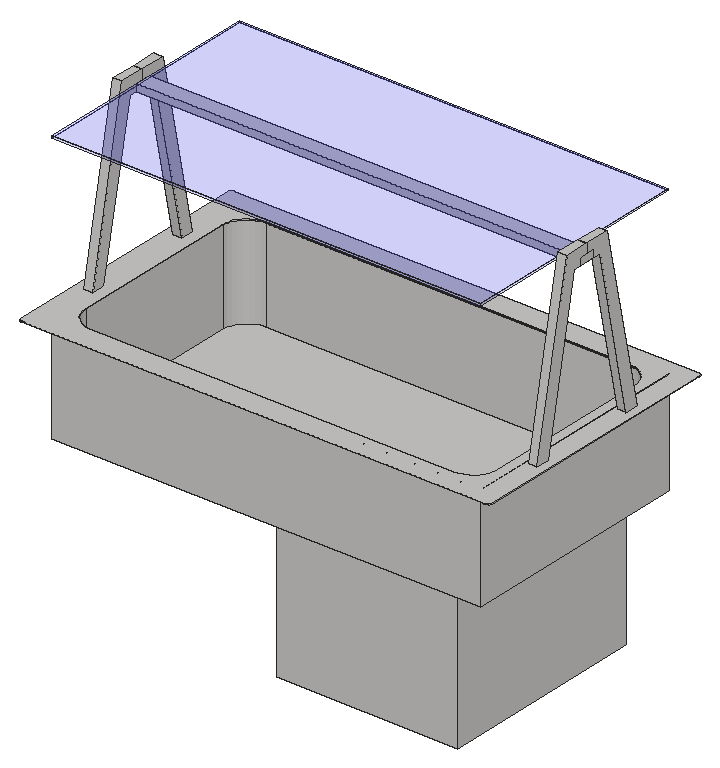
Revit family "QF_ZANUSSI_341178_D10C3O", category Attrezzature speciali, Revit 2020
Family settings
  Quota connettore circolare = Usa diametro
  Tipo di parte = Normale
  Basato su piano di lavoro = No
  Sempre verticale = Sì
  Taglio con vuoti quando caricato = No
  Condiviso = No
  Punto di calcolo locali = No
Parameters (values of type "Standard")
  Weight = 67.68 kg
  Watts = 0 W
  Volts = 220 V
  URL Manufacturer = "http://www.zanussiprofessional.com"
  URL = "http://www.zanussiprofessional.com"
  Steam Supply Size = 0 mm
  Steam Supply Minimum Pressure = 0.0 Pa
  Steam Supply Maximum Pressure = 0.0 Pa
  Steam Consumption per Hour = 0
  Refrigeration Suction Line Size = 0 mm
  Refrigeration Liquid Line Size = 0 mm
  Refrigerant Compressor Remote = yes
  Prospetto di default = 0 mm
  Produttore = "Zanussi"
  Phase = 1
  Modello = "D10C3O"
  Length Actual = 1100 mm  # constant formula
  Item Number = "341178"
  Hot Water Size = 0 mm
  Height Actual = 999 mm  # constant formula
  HP = "0 HP"
  Gas Size = 0 mm
  Gas KW = 0
  Gas Input Pressure = 0 W
  Direct Waste Size = 0 mm
  Descrizione = "DROP-IN REFRIGERATED WELL, STATIC, 3GN WITH A TYPE OVERSHELF AND LED LIGHT"
  Depth Actual = 620 mm  # constant formula
  Cycle = 50 Hz
  Condensate Return Size = 0 mm
  Compressed Air Volume = 0.0 L/s
  Compressed Air Size = 0 mm
  Compressed Air Pressure = 0.0 Pa
  Cold Water Size = 0 mm
  Accessory = yes
Reference planes
  plane 1 "BACK": y = 0
  plane 2: z = 5.426
  plane 3 "LEFT": x = 0
  plane 4: y = -620
  plane 5: z = 409.426
  plane 6: y = -310
  plane 7: x = 550
Forms (mm)
  Extrusion 1, solid, material "QF_Finishes_Stainless Steel"
    sketch origin (0, 0, 5.426) x (1, 0, 0) y (0, 1, 0)
      loop
        arc (10, 0) -> (2.929, -2.929) -> (0, -10) r 10
        line (0, -10) -> (0, -610)
        arc (0, -610) -> (2.929, -617.071) -> (10, -620) r 10
        line (10, -620) -> (1090, -620)
        arc (1090, -620) -> (1097.071, -617.071) -> (1100, -610) r 10
        line (1100, -610) -> (1100, -10)
        arc (1100, -10) -> (1097.071, -2.929) -> (1090, 0) r 10
        line (1090, 0) -> (10, 0)
    from 0 to 1
  Extrusion 2, solid, material "QF_Finishes_Stainless Steel"
    sketch origin (0, 0, 12.548) x (1, 0, 0) y (0, 1, 0)
      loop
        line (50, -35) -> (50, -585) -> (1050, -585) -> (1050, -35) -> (50, -35)
    from -251.122 to -7.122
  Extrusion 3, void
    sketch origin (0, 0, -2.817) x (1, 0, 0) y (0, 1, 0)
      loop
        arc (125, -55) -> (86.109, -71.109) -> (70, -110) r 55
        line (70, -110) -> (70, -510)
        arc (70, -510) -> (86.109, -548.891) -> (125, -565) r 55
        line (125, -565) -> (975, -565)
        arc (975, -565) -> (1013.891, -548.891) -> (1030, -510) r 55
        line (1030, -510) -> (1030, -110)
        arc (1030, -110) -> (1013.891, -71.109) -> (975, -55) r 55
        line (975, -55) -> (125, -55)
    from -209.107 to 9.244
  Extrusion 4, solid, material "QF_Finishes_Stainless Steel"
    sketch origin (21.5, -620, 0) x (0, -1, 0) y (0, 0, -1)
      loop
        line (-310, -409.426) -> (-250.873, -409.426) -> (-165, -5.426) -> (-195, -5.426) -> (-272.583, -370.426) -> (-310, -370.426) -> (-310, -409.426)
    from 0 to 20
  Extrusion 5, solid, material "QF_Finishes_Stainless Steel"
    sketch origin (21.5, 0, 0) x (0, 1, 0) y (0, 0, 1)
      loop
        line (-310, 409.426) -> (-310, 370.426) -> (-272.583, 370.426) -> (-195, 5.426) -> (-165, 5.426) -> (-250.873, 409.426) -> (-310, 409.426)
    from 0 to 20
  Extrusion 6, solid, material "QF_Finishes_Stainless Steel"
    sketch origin (1078, -620, 0) x (0, -1, 0) y (0, 0, 1)
      loop
        line (-310, 409.426) -> (-310, 370.426) -> (-272.583, 370.426) -> (-195, 5.426) -> (-165, 5.426) -> (-250.873, 409.426) -> (-310, 409.426)
    from 0 to 20
  Extrusion 7, solid, material "QF_Finishes_Stainless Steel"
    sketch origin (1078, 0, 0) x (0, 1, 0) y (0, 0, -1)
      loop
        line (-310, -409.426) -> (-250.873, -409.426) -> (-165, -5.426) -> (-195, -5.426) -> (-272.583, -370.426) -> (-310, -370.426) -> (-310, -409.426)
    from 0 to 20
  Extrusion 8, solid, material "QF_Finishes_Stainless Steel"
    sketch origin (0, 0, 0) x (0, 1, 0) y (0, 0, 1)
      loop
        line (-291.292, 370.426) -> (-291.292, 387.956) -> (-328.917, 387.956) -> (-328.917, 370.426) -> (-291.292, 370.426)
    from 21.5 to 1078
  Extrusion 9, solid, material "Vetro"
    sketch origin (0, 0, 5.426) x (1, 0, 0) y (0, 1, 0)
      loop
        line (50, -35) -> (50, -585) -> (1050, -585) -> (1050, -35) -> (50, -35)
    from 382.529 to 387.529
  Extrusion 10, solid, material "QF_Finishes_Stainless Steel"
    sketch origin (443.657, -629.667, -643.387) x (0, 0, -1) y (0, -1, 0)
      loop
        circle (-372.814, -140.692) r 12.7
    from 5 to 70.307
  Extrusion 11, solid, material "QF_Finishes_Stainless Steel"
    sketch origin (160, -7, 5.426) x (1, 0, 0) y (0, 1, 0)
      loop
        circle (226.025, -481.971) r 12.675
    from -276 to -244
  Extrusion 12, solid, material "QF_Finishes_Stainless Steel"
    sketch origin (1222.74, 95, -304.649) x (0, 1, 0) y (0, 0, -1)
      loop
        line (-161.185, -66.076) -> (-161.185, 268.924) -> (-651.185, 268.924) -> (-651.185, -66.076) -> (-161.185, -66.076)
    from 247.74 to 670.28
Cuts and joins
  Extrusion 3 cuts Extrusion 1
  Extrusion 3 cuts Extrusion 2
Dimensions and locks
  equal spacing: Extrusion 1, Extrusion 2 sketch curve, Extrusion 2 sketch curve, Extrusion 1  (x2)
  Extrusion 1 to Extrusion 1 = 1100 mm
  Extrusion 1 to plane 1 "BACK" = 620 mm
  equal spacing: Extrusion 2, Extrusion 3 sketch curve, Extrusion 3 sketch curve, Extrusion 2  (x2)
  plane 5 to plane 2 = 404 mm
  equal spacing: plane 3 "LEFT", plane 7, cut or joined group of Extrusion 1, Extrusion 3
  aligned and locked: level to plane 2
Automatic sketch dimensions
  Extrusion 1 sketch curve to plane 3 "LEFT" = 0 mm
  plane 4 to Extrusion 1 sketch curve = 0 mm
  plane 1 "BACK" to Extrusion 1 sketch curve = 0 mm
  plane 3 "LEFT" to Extrusion 1 sketch curve = 10 mm  (x2)
  plane 3 "LEFT" to Extrusion 2 sketch curve = 50 mm
  Extrusion 2 sketch curve to plane 4 = 35 mm
  plane 1 "BACK" to Extrusion 2 sketch curve = 35 mm
  plane 3 "LEFT" to Extrusion 3 sketch curve = 70 mm
  Extrusion 3 sketch curve to Extrusion 3 sketch curve = 55 mm  (x4)
  Extrusion 3 sketch curve to plane 4 = 55 mm
  plane 1 "BACK" to Extrusion 3 sketch curve = 110 mm
  Extrusion 4 sketch curve to plane 6 = 0 mm
  plane 5 to Extrusion 4 sketch curve = 0 mm
  Extrusion 4 sketch curve to level = 0 mm
  Extrusion 4 sketch curve to Extrusion 4 sketch curve = 37.417 mm
  Extrusion 4 sketch curve to Extrusion 4 sketch curve = 21.71 mm
  plane 6 to Extrusion 4 sketch curve = 115 mm
  Extrusion 4 sketch curve to Extrusion 4 sketch curve = 30 mm
  Extrusion 4 sketch curve to Extrusion 4 sketch curve = 39 mm
  Extrusion 5 sketch curve to plane 6 = 0 mm
  plane 5 to Extrusion 5 sketch curve = 0 mm
  Extrusion 5 sketch curve to level = 0 mm
  Extrusion 5 sketch curve to Extrusion 5 sketch curve = 37.417 mm
  Extrusion 5 sketch curve to Extrusion 5 sketch curve = 21.71 mm
  plane 6 to Extrusion 5 sketch curve = 115 mm
  Extrusion 5 sketch curve to Extrusion 5 sketch curve = 30 mm
  Extrusion 5 sketch curve to Extrusion 5 sketch curve = 39 mm
  Extrusion 6 sketch curve to plane 6 = 0 mm
  plane 5 to Extrusion 6 sketch curve = 0 mm
  Extrusion 6 sketch curve to level = 0 mm
  Extrusion 6 sketch curve to Extrusion 6 sketch curve = 37.417 mm
  Extrusion 6 sketch curve to Extrusion 6 sketch curve = 21.71 mm
  Extrusion 6 sketch curve to plane 6 = 115 mm
  Extrusion 6 sketch curve to Extrusion 6 sketch curve = 30 mm
  Extrusion 6 sketch curve to Extrusion 6 sketch curve = 39 mm
  Extrusion 7 sketch curve to plane 6 = 0 mm
  plane 5 to Extrusion 7 sketch curve = 0 mm
  Extrusion 7 sketch curve to level = 0 mm
  Extrusion 7 sketch curve to Extrusion 7 sketch curve = 37.417 mm
  Extrusion 7 sketch curve to Extrusion 7 sketch curve = 21.71 mm
  plane 6 to Extrusion 7 sketch curve = 115 mm
  Extrusion 7 sketch curve to Extrusion 7 sketch curve = 30 mm
  Extrusion 7 sketch curve to Extrusion 7 sketch curve = 39 mm
  Extrusion 8 sketch curve to plane 6 = 18.917 mm
  plane 6 to Extrusion 8 sketch curve = 18.708 mm
  plane 5 to Extrusion 8 sketch curve = 39 mm
  Extrusion 8 sketch curve to Extrusion 8 sketch curve = 17.529 mm
  plane 3 "LEFT" to Extrusion 9 sketch curve = 50 mm
  Extrusion 9 sketch curve to plane 4 = 35 mm
  plane 1 "BACK" to Extrusion 9 sketch curve = 35 mm
  Extrusion 11 sketch curve to plane 4 = 131.029 mm
  Extrusion 11 sketch curve to plane 7 = 163.975 mm
  Extrusion 12 sketch curve to plane 6 = 246.185 mm
  plane 6 to Extrusion 12 sketch curve = 243.815 mm
  Extrusion 12 sketch curve to level = 244 mm
  Extrusion 12 sketch curve to Extrusion 12 sketch curve = 335 mm
  plane 7 to Extrusion 1 sketch curve = 540 mm  (x2)
  plane 1 "BACK" to Extrusion 1 sketch curve = 10 mm
  plane 7 to Extrusion 2 sketch curve = 500 mm
  plane 7 to Extrusion 3 sketch curve = 425 mm
  plane 7 to Extrusion 9 sketch curve = 500 mm
  Extrusion 10 sketch curve to plane 4 = 131.025 mm
  Extrusion 10 sketch curve to level = 276 mm
  radius of Extrusion 11 sketch curve = 12.675 mm
  radius of Extrusion 10 sketch curve = 12.7 mm
Connectors
  piping at (438.657, -488.975, -270.574), diameter 25.4
    settings: on Extrusion 10, index 5, connector inside diameter 609.6 mm, connector length 0 mm, flow factor 0, pipe flow 0.0 L/s, pressure drop 0.0 Pa, fitting loss kfactor 0, connector angle 0.00°, fixture units 0, engagement length 0 mm, angle of deflection 0.00°, flow configuration 0, flow direction 0, fitting loss method 0, system type 29, joint type 0, gender type 0, connector reference index -1, connector utility 0, adjustable connector no, is connector primary yes, connector description "D"
